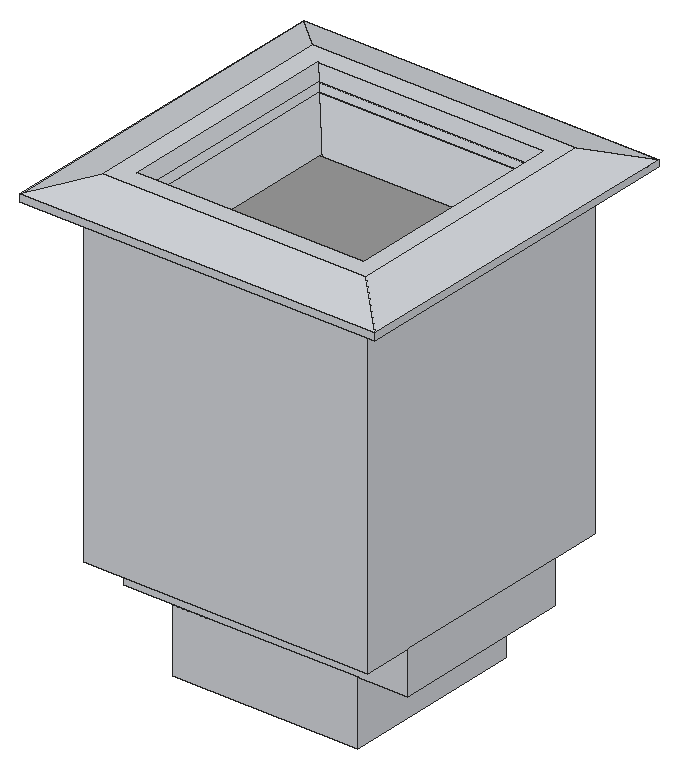
Revit family "2061050 Sylvania Lighting Fixture DOMINO 1xLED 930 BLACK MB TRIM WHITE", category Lighting Fixtures, host Face, Revit 2018
Family settings
  Host = Face
  Round Connector Dimension = Use Diameter
  Part Type = Normal
  OmniClass Number = 23.80.70.00
  OmniClass Title = Lighting
  Cut with Voids When Loaded = No
  Light Source = Yes
  Shared = No
  Room Calculation Point = No
Parameters (values of type "2061050 DOMINO 1XLED 930 BLACK MB TR WHT ")
  top top width = 15.812 mm
  top top length = 26 mm
  Width = 50 mm
  Weight = "n/a"
  Wattage Comments = ""
  Wattage = 9.2903 W
  WarrantyStartDate [instance] = "n/a"
  WarrantyGuarantorParts = "n/a"
  WarrantyDurationUnit = "n/a"
  WarrantyDurationParts = ""
  WarrantyDescription = "http://www.sylvania-lighting.com"
  built-in parameter 1150110 = 1 (stored number, unit not read)
  Voltage = 0 V
  URL = "0.6"
  TypeName = "DOMINO 1xLED 930 BLACK MB TRIM WHITE"
  Type Image = <None>
  Type Comments = "n/a"
  built-in parameter 1114217 = 1 (stored number, unit not read)
  Top Width = 26 mm
  Tilt Angle = 90.00°
  built-in parameter 1150109 = 1 (stored number, unit not read)
  built-in parameter 1150134 = 3
  built-in parameter 1150113 = 1 (stored number, unit not read)
  SerialNumber [instance] = "n/a"
  Recessed Width = 43 mm
  Recessed Length = 43 mm
  Photometric Web File = "2061050.ies"
  Material_3_FEILO = none
  PowerFactor = 0
  PowerConsumption = "Lighting"
  NominalLength = 50 mm
  NominalHeight = 0 mm
  NominalDepth = 0 mm
  Name = "DOMINO 1xLED 930 BLACK MB TRIM WHITE"
  ModelReference = Name  # "DOMINO 1xLED 930 BLACK MB TRIM WHITE"
  ModelNumber = "2061050"
  Model = Name  # "DOMINO 1xLED 930 BLACK MB TRIM WHITE"
  Material = "Feilo Sylvania"
  ManufacturerName = "44 lm/W"
  Manufacturer = ""
  LuminousEfficacy = ""
  built-in parameter 1150105 = 109.82 (stored number, unit not read)
  Lumens = 1380 lm
  LuminaireType = "0"
  built-in parameter 1150115 = 1 (stored number, unit not read)
  LightOutputRatio = "LED"
  built-in parameter 1150137 = (empty or 0)
  built-in parameter 1150139 = (empty or 0)
  Lens inside recess = 25 mm
  Lens Width = 32 mm
  Lens Outside recess = 31.978 mm
  Lens = Glass, White, High Luminance
  Length = 50 mm
  LampsType = Lamp  # "n/a"
  LampNominalLuminous = "3000 K"
  LampMacAdamStep = "90"
  LampColourTemperature = "LED"
  LampColourRenderingIndex = "16500"
  built-in parameter 1150112 = 1 (stored number, unit not read)
  built-in parameter 1150114 = 1 (stored number, unit not read)
  Lamp = "n/a"
  Keynote = "n/a"
  InstallationDate [instance] = "n/a"
  InputVoltage = "0"
  InputNominalFrequency = "3000"
  built-in parameter 1150132 = (empty or 0)
  built-in parameter 1150102 = (empty or 0)
  built-in parameter 1150107 = 3200 (stored number, unit not read)
  built-in parameter 1150138 = (empty or 0)
  IngressProtection = "IfcLightFixtureType"
  ImpactProtectionIndex = "IfcLightFixtureType"
  built-in parameter 1150106 = 1.0982 (stored number, unit not read)
  IfcExportType = "IfcLightFixtureType"
  IfcExportAs = "Class II"
  Facia internal width = 37 mm
  Facia internal length = 37 mm
  Facia Height = 2 mm
  ExpectedLife = 50000
  Emit from Circle Diameter = 609.6 mm
  Emit Shape Visible in Rendering = no
  ElectricShockClassification = "44"
  built-in parameter 1150104 = 13.8 (stored number, unit not read)
  DurationUnit = "hours"
  DocumentationLiterature = "http://www.sylvania-lighting.com/product/en-int/products/2061050"
  DimmingControlOptions = "n/a"
  Material_2_FEILO = none
  Dimming Lamp Color Temperature Shift = <None>
  Description = "Modular LED recessed linear spotlight, ideal for retail and hospitality applications. Die-cast aluminium body, passive cooling. Two levels of reflector installation, low glaring UGR<16. 1x LED source, 30° beam angle , optics: PMMA lens and polycarbonate reflector combination, Black matt reflector finish. Light color temperature: 3000K warm white, total system power: 4W , total fixture lumen output: 175lm, efficacy: 44 lm/W, Ra90 typical, LED chromacity: 3 step MacAdam ellipse (SDCM3), lifespan: 96,000 hours at 90% of the original output (L90B10), IR/UV free light source without heat radiation, operating voltage: 220-240V / 50-60Hz, electronic driver, ultra low flicker, non-dimmable , electrical protection: Class II. Degree of Protection: IP40/IP20, suitable for indoor environment only. Ceiling cut-out: 43x43mm, outer dimensions:  50x50mm trim frame RAL 9016 - Traffic white / Bezel color.5 years Warranty."
  Default Elevation = 1219.2 mm
  CreatedOn = "09/02/2021"
  CreatedBy = "@sylvania-lighting.com"
  Cost = 0
  Color Filter = 16777215
  built-in parameter 1114216 [instance] = (empty or 0)
  ClassificationValue = "EF_70_80"
  ClassificationName = "Uniclass2015"
  Material_1_FEILO = none
  Body Width = 40 mm
  Body Length = 40 mm
  BarCode [instance] = "n/a"
  built-in parameter 1114218 = 1 (stored number, unit not read)
  built-in parameter 1150133 = 10 (stored number, unit not read)
  AssetType = "Fixed"
  AssetIdentifier [instance] = "n/a"
  Assembly Code = "D5020200"
  Apparent Load = 4 VA
  Material_4_FEILO = none
Reference planes
  plane 1 "Center (Front/Back)": y = 0
  plane 2: z = 0
  plane 3 "Center (Left/Right)": x = 0
  plane 4: z = 0
  plane 5: z = -7
  plane 6: z = -45.895
  plane 7: z = -51.895
  plane 8: z = -60.895
  plane 9: x = -21.5
  plane 10: x = 21.5
  plane 11: y = 21.5
  plane 12: y = -21.5
  plane 13: x = -25
  plane 14: x = 25
  plane 15: y = 25
  plane 16: y = -25
  plane 17: x = 18.5
  plane 18: x = -18.5
  plane 19: y = 18.5
  plane 20: y = -18.5
  plane 21: z = 2
  plane 22: x = -20
  plane 23: x = 20
  plane 24: y = 20
  plane 25: y = -20
  plane 26: y = 13
  plane 27: y = -13
  plane 28: y = 16
  plane 29: y = -16
  plane 30: x = 13
  plane 31: x = -13
  plane 32: x = -15.772
  plane 33: x = 16.206
  plane 34: y = 12.5
  plane 35: y = -12.5
  plane 36: x = -12.5
  plane 37: x = 12.5
Forms (mm)
  Extrusion 1, solid, not visible, detail levels medium+fine
    sketch origin (4.2, 0, 0) x (1, 0, 0) y (0, 1, 0)
      loop
        line (-29.2, 34.5) -> (-29.2, -34.5) -> (20.8, -34.5) -> (20.8, 34.5) -> (-29.2, 34.5)
    from 0 to 1
  Extrusion 2, solid, not visible, detail levels medium+fine
    sketch origin (4.044, 0, 0) x (1, 0, 0) y (0, 1, 0)
      loop
        line (-29.2, 34.5) -> (-29.2, -34.5) -> (20.8, -34.5) -> (20.8, 34.5) -> (-29.2, 34.5)
    from 0 to 1
  Blend 3, solid, not visible, detail levels medium+fine
    base sketch origin (4.2, 0, 0) x (1, 0, 0) y (0, 1, 0)
      loop
        line (-29.2, 34.5) -> (-29.2, -34.5) -> (20.8, -34.5) -> (20.8, 34.5) -> (-29.2, 34.5)
    top sketch origin (4.2, 0, 0) x (1, 0, 0) y (0, 1, 0)
      loop
        line (-21.7, 28) -> (-21.7, -28) -> (13.3, -28) -> (13.3, 28) -> (-21.7, 28)
    from 1 to 3
  Extrusion 4, solid, not visible, detail levels medium+fine
    sketch origin (3.419, 0, 0) x (1, 0, 0) y (0, 1, 0)
      loop
        line (-29.2, 34.5) -> (-29.2, -34.5) -> (20.8, -34.5) -> (20.8, 34.5) -> (-29.2, 34.5)
    from 0 to 1
  Blend 5, solid, not visible, detail levels medium+fine
    base sketch origin (3.575, 0, 0) x (1, 0, 0) y (0, 1, 0)
      loop
        line (-29.2, 34.5) -> (-29.2, -34.5) -> (20.8, -34.5) -> (20.8, 34.5) -> (-29.2, 34.5)
    top sketch origin (3.575, 0, 0) x (1, 0, 0) y (0, 1, 0)
      loop
        line (-21.7, 28) -> (-21.7, -28) -> (13.3, -28) -> (13.3, 28) -> (-21.7, 28)
    from 1 to 3
  Extrusion 6, solid, not visible, detail levels medium+fine
    sketch origin (4.247, 0, 0) x (1, 0, 0) y (0, 1, 0)
      loop
        line (-29.2, 34.5) -> (-29.2, -34.5) -> (20.8, -34.5) -> (20.8, 34.5) -> (-29.2, 34.5)
    from 0 to 1
  Blend 7, solid, not visible, detail levels medium+fine
    base sketch origin (4.403, 0, 0) x (1, 0, 0) y (0, 1, 0)
      loop
        line (-29.2, 34.5) -> (-29.2, -34.5) -> (20.8, -34.5) -> (20.8, 34.5) -> (-29.2, 34.5)
    top sketch origin (4.403, 0, 0) x (1, 0, 0) y (0, 1, 0)
      loop
        line (-21.7, 28) -> (-21.7, -28) -> (13.3, -28) -> (13.3, 28) -> (-21.7, 28)
    from 1 to 3
  Extrusion 8, void, detail levels medium+fine
    sketch origin (4.2, 0, 0) x (0, 1, 0) y (1, 0, 0)
      loop
        line (21.5, -25.7) -> (21.5, 17.3) -> (-21.5, 17.3) -> (-21.5, -25.7) -> (21.5, -25.7)
    from -9.934 to 83.097
  Extrusion 9, solid, detail levels medium+fine
    sketch origin (4.2, 0, 0) x (1, 0, 0) y (0, 1, 0)
      loop
        line (-29.2, 25) -> (-29.2, -25) -> (20.8, -25) -> (20.8, 25) -> (-29.2, 25)
    from 0 to 1
  Extrusion 10, solid, detail levels medium+fine
    sketch origin (4.2, 0, 0) x (1, 0, 0) y (0, 1, 0)
      loop
        line (-24.2, 20) -> (-24.2, -20) -> (15.8, -20) -> (15.8, 20) -> (-24.2, 20)
    from 0 to -45.895
  Extrusion 11, solid, detail levels medium+fine
    sketch origin (4.2, 0, 0) x (1, 0, 0) y (0, 1, 0)
      loop
        line (-24.2, 13) -> (-24.2, -13) -> (15.8, -13) -> (15.8, 13) -> (-24.2, 13)
    from -51.895 to -45.895
  Extrusion 12, solid, material "Glass, White, High Luminance" <- "Lens", detail levels fine
    sketch origin (13.547, 1218.849, 36.156) x (1, 0, 0) y (0, 1, 0)
      loop
        line (-26.047, -1206.7) -> (-26.047, -1231.7) -> (-1.047, -1231.7) -> (-1.047, -1206.7) -> (-26.047, -1206.7)
    from -43.156 to -42.182
  Blend 13, solid, detail levels medium+fine
    base sketch origin (4.2, 0, 0) x (1, 0, 0) y (0, 1, 0)
      loop
        line (-29.2, 25) -> (-29.2, -25) -> (20.8, -25) -> (20.8, 25) -> (-29.2, 25)
    top sketch origin (4.2, 0, 0) x (1, 0, 0) y (0, 1, 0)
      loop
        line (-22.7, 18.5) -> (-22.7, -18.5) -> (14.3, -18.5) -> (14.3, 18.5) -> (-22.7, 18.5)
    from 1 to 3
  Extrusion 14, solid, detail levels fine
    sketch origin (0, 0, 0) x (1, 0, 0) y (0, 0, 1)
      loop
        line (-13, -51.895) -> (-13, -60.895) -> (13, -60.895) -> (13, -51.895) -> (-13, -51.895)
    from -13 to 13
  Blend 15, void, detail levels medium+fine
    base sketch origin (4.2, 0, 0) x (0, 1, 0) y (-1, 0, 0)
      loop
        line (16, 19.972) -> (-16, 19.972) -> (-16, -12.006) -> (16, -12.006) -> (16, 19.972)
    top sketch origin (4.2, 0, 0) x (0, 1, 0) y (-1, 0, 0)
      loop
        line (12.5, 16.7) -> (-12.5, 16.7) -> (-12.5, -8.3) -> (12.5, -8.3) -> (12.5, 16.7)
    from 3 to -7
  Extrusion 16, solid, detail levels coarse
    sketch origin (4.2, 0, 0) x (1, 0, 0) y (0, 1, 0)
      loop
        line (-29.2, 25) -> (-29.2, -25) -> (20.8, -25) -> (20.8, 25) -> (-29.2, 25)
    from 3 to -60.895
Cuts and joins
  Blend 15 cuts Extrusion 9
  Blend 15 cuts Extrusion 10
  Blend 15 cuts Blend 13
Dimensions and locks
  "Recessed Length": plane 9 to plane 10
  equal spacing: plane 9, plane 3 "Center (Left/Right)", plane 10
  "Length": plane 13 to plane 14
  equal spacing: plane 13, plane 3 "Center (Left/Right)", plane 14
  "Recessed Width": plane 11 to plane 12
  equal spacing: plane 11, plane 1 "Center (Front/Back)", plane 12
  "Width": plane 15 to plane 16
  equal spacing: plane 15, plane 1 "Center (Front/Back)", plane 16
  "Facia internal length": plane 18 to plane 17
  equal spacing: plane 18, plane 3 "Center (Left/Right)", plane 17
  "Facia internal width": plane 19 to plane 20
  equal spacing: plane 19, plane 1 "Center (Front/Back)", plane 20
  "Facia Height": plane 21 to host face
  "Body Length": plane 22 to plane 23
  equal spacing: plane 22, plane 3 "Center (Left/Right)", plane 23
  "Body Width": plane 24 to plane 25
  equal spacing: plane 24, plane 1 "Center (Front/Back)", plane 25
  "Top Width": plane 26 to plane 27
  equal spacing: plane 26, plane 1 "Center (Front/Back)", plane 27
  "Lens Width": plane 28 to plane 29
  equal spacing: plane 28, plane 1 "Center (Front/Back)", plane 29
  "top top length": plane 31 to plane 30
  equal spacing: plane 31, plane 3 "Center (Left/Right)", plane 30  (x2)
  plane 30 to plane 31 = 26 mm
  equal spacing: plane 30, plane 3 "Center (Left/Right)", plane 31
  "Lens Outside recess": plane 32 to plane 33
  "Lens inside recess": plane 34 to plane 35
  equal spacing: plane 34, plane 1 "Center (Front/Back)", plane 35
  aligned and locked: plane 2 to host face
  aligned and locked: level to host face
  aligned and locked: Extrusion 11 to plane 7
  aligned and locked: Extrusion 10 to plane 6
  aligned and locked: cut or joined group of Blend 13, Blend 15 to Blend 15
Automatic sketch dimensions
  host sketch curve to host sketch curve = 2438.4 mm  (x2)
  Extrusion 1 sketch curve to Extrusion 1 sketch curve = 50 mm
  Extrusion 1 sketch curve to Extrusion 1 sketch curve = 69 mm
  Extrusion 2 sketch curve to Extrusion 2 sketch curve = 50 mm
  Extrusion 2 sketch curve to Extrusion 2 sketch curve = 69 mm
  Blend 3 sketch curve to Blend 3 sketch curve = 50 mm
  Blend 3 sketch curve to Blend 3 sketch curve = 69 mm
  Blend 3 sketch curve to Blend 3 sketch curve = 35 mm
  Blend 3 sketch curve to Blend 3 sketch curve = 56 mm
  Extrusion 4 sketch curve to Extrusion 4 sketch curve = 50 mm
  Extrusion 4 sketch curve to Extrusion 4 sketch curve = 69 mm
  Blend 5 sketch curve to Blend 5 sketch curve = 50 mm
  Blend 5 sketch curve to Blend 5 sketch curve = 69 mm
  Blend 5 sketch curve to Blend 5 sketch curve = 35 mm
  Blend 5 sketch curve to Blend 5 sketch curve = 56 mm
  Extrusion 6 sketch curve to Extrusion 6 sketch curve = 50 mm
  Extrusion 6 sketch curve to Extrusion 6 sketch curve = 69 mm
  Blend 7 sketch curve to Blend 7 sketch curve = 50 mm
  Blend 7 sketch curve to Blend 7 sketch curve = 69 mm
  Blend 7 sketch curve to Blend 7 sketch curve = 35 mm
  Blend 7 sketch curve to Blend 7 sketch curve = 56 mm
  plane 9 to Extrusion 8 sketch curve = 0 mm
  Extrusion 8 sketch curve to plane 12 = 0 mm
  Extrusion 8 sketch curve to plane 11 = 0 mm
  Extrusion 8 sketch curve to plane 10 = 0 mm
  plane 13 to Extrusion 9 sketch curve = 0 mm
  plane 14 to Extrusion 9 sketch curve = 0 mm
  Extrusion 9 sketch curve to plane 16 = 0 mm
  Extrusion 9 sketch curve to plane 15 = 0 mm
  Extrusion 10 sketch curve to plane 22 = 0 mm
  Extrusion 10 sketch curve to plane 23 = 0 mm
  Extrusion 10 sketch curve to plane 25 = 0 mm
  Extrusion 10 sketch curve to plane 24 = 0 mm
  Extrusion 11 sketch curve to plane 22 = 0 mm
  Extrusion 11 sketch curve to plane 23 = 0 mm
  Extrusion 11 sketch curve to plane 27 = 0 mm
  Extrusion 11 sketch curve to plane 26 = 0 mm
  Extrusion 12 sketch curve to plane 11 = 9.351 mm
  plane 1 "Center (Front/Back)" to Extrusion 12 sketch curve = 12.851 mm
  plane 18 to Extrusion 12 sketch curve = 6 mm
  Blend 13 sketch curve to plane 13 = 0 mm
  Blend 13 sketch curve to plane 14 = 0 mm
  Blend 13 sketch curve to plane 16 = 0 mm
  Blend 13 sketch curve to plane 15 = 0 mm
  Blend 13 sketch curve to plane 18 = 0 mm
  Blend 13 sketch curve to plane 17 = 0 mm
  Blend 13 sketch curve to plane 20 = 0 mm
  Blend 13 sketch curve to plane 19 = 0 mm
  Extrusion 12 sketch curve to Extrusion 12 sketch curve = 25 mm
  Extrusion 14 sketch curve to plane 8 = 0 mm
  Extrusion 14 sketch curve to plane 31 = 0 mm
  Extrusion 14 sketch curve to plane 30 = 0 mm
  Extrusion 14 sketch curve to plane 7 = 0 mm
  Blend 15 sketch curve to plane 29 = 0 mm
  Blend 15 sketch curve to plane 28 = 0 mm
  Blend 15 sketch curve to plane 33 = 0 mm
  Blend 15 sketch curve to plane 32 = 0 mm
  Blend 15 sketch curve to plane 35 = 0 mm
  Blend 15 sketch curve to plane 34 = 0 mm
  Blend 15 sketch curve to plane 37 = 0 mm
  Blend 15 sketch curve to plane 36 = 0 mm
  Extrusion 16 sketch curve to plane 13 = 0 mm
  Extrusion 16 sketch curve to plane 14 = 0 mm
  Extrusion 16 sketch curve to plane 16 = 0 mm
  Extrusion 16 sketch curve to plane 15 = 0 mm
Connectors
  electrical at (0, 0, -60.895)
    settings: on Extrusion 14, index 1, voltage 0 V, apparent load 0 VA, apparent load phase1 0 VA, apparent load phase2 0 VA, apparent load phase3 0 VA, power factor 1, load classification "Other", number of poles 1, system type 31, power factor state 1, is connector primary yes, connector utility no, sub classification motor no, connector description ""
